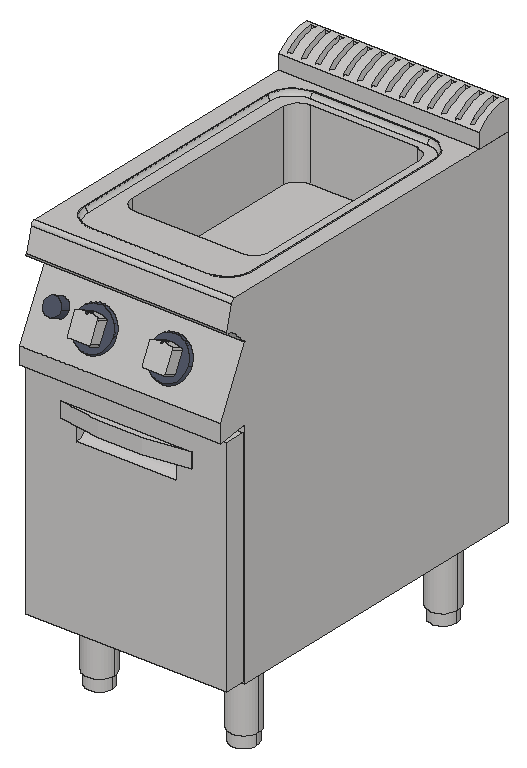
Revit family "QF_ZANUSSI_372350_Z7OOBSBAMC", category Specialty Equipment, Revit 2018
Family settings
  Round Connector Dimension = Use Diameter
  Part Type = Normal
  Work Plane-Based = No
  Always vertical = Yes
  Cut with Voids When Loaded = No
  Shared = No
  Room Calculation Point = No
Parameters (values of type "Standard")
  Weight = 50.00 kg
  Watts = 0 W
  Volts = 0 V
  URL Manufacturer = "http://www.zanussiprofessional.com"
  URL = "http://www.zanussiprofessional.com"
  Steam Supply Size = 0"
  Steam Supply Minimum Pressure = 0.00 psi
  Steam Supply Maximum Pressure = 0.00 psi
  Steam Pounds per Hour = 0
  Show Logo [instance] = yes
  Show Clearance [instance] = yes
  Refrigeration Suction Line Size = 0"
  Refrigeration Liquid Line Size = 0"
  Refrigerant Compressor Remote = yes
  Phase = 0
  Model = "Z7OOBSBAMC"
  Manufacturer = "Zanussi"
  Length Actual = 400 mm  # constant formula
  Item Number = "372350"
  Hot Water Size = 0"
  Height Actual = 850 mm  # constant formula
  HP = "0 HP"
  Gas Size = 1/2"
  Gas KW = 11.5
  Gas Input Pressure = 0.386738 Btu/h
  Direct Waste Size = 1"
  Description = "1-WELL GAS PASTA COOKER 24,5 LT 400MM (AUS)"
  Depth Actual = 700 mm  # constant formula
  Cycle = 0 Hz
  Condensate Return Size = 0"
  Compressed Air Volume = 0 GPM
  Compressed Air Size = 0"
  Compressed Air Pressure = 0.00 psi
  Cold Water Size = 1/2"
  Accessory = yes
Reference planes
  plane 1 "BACK": y = 0
  plane 2: z = 0
  plane 3 "LEFT": x = 0
  plane 4 "RIGHT": x = 400
  plane 5 "FRONT": y = -715
  plane 6 "TOP": z = 908
  plane 7 "Center Y": x = 200
  plane 8 "Center X": y = -357.5
  plane 9 "BASE": z = 600
  plane 10 "TOP A": z = 850
  plane 11: y = -587.387
  plane 12: y = -90
  plane 13: z = 150
Forms (mm)
  Extrusion 1, solid, material "QF_Finishes_Stainless Steel"
    sketch origin (0, 0, 0) x (0, 1, 0) y (0, 0, 1)
      loop
        line (0, 850) -> (-679.358, 850)
        arc (-679.358, 850) -> (-684.643, 847.811) -> (-686.833, 842.526) r 7.474
        line (-686.833, 842.526) -> (-699.884, 797.011)
        arc (-699.884, 797.011) -> (-699.396, 794.379) -> (-697, 793.184) r 3
        line (-697, 793.184) -> (-686.802, 793.184) -> (-654.982, 761.364) -> (-715, 640.508) -> (-715, 605.508) -> (-658.645, 613.428)
        arc (-658.645, 613.428) -> (-656.101, 612.674) -> (-655, 610.259) r 3.2
        line (-655, 610.259) -> (-655, 150) -> (0, 150) -> (0, 850)
      loop
        line (-700, 600) -> (-700, 155) -> (-660, 155) -> (-660, 600) -> (-700, 600)
    from 0 to 400
  Extrusion 2, void
    sketch origin (0, 0, 850) x (-1, 0, 0) y (0, -1, 0)
      loop
        arc (-83.338, 90.124) -> (-47.982, 104.769) -> (-33.338, 140.124) r 50
        line (-33.338, 140.124) -> (-33.338, 595.265)
        arc (-33.338, 595.265) -> (-47.982, 630.62) -> (-83.338, 645.265) r 50
        line (-83.338, 645.265) -> (-316.662, 645.265)
        arc (-316.662, 645.265) -> (-352.018, 630.62) -> (-366.662, 595.265) r 50
        line (-366.662, 595.265) -> (-366.662, 140.124)
        arc (-366.662, 140.124) -> (-352.018, 104.769) -> (-316.662, 90.124) r 50
        line (-316.662, 90.124) -> (-83.338, 90.124)
    from 0 to -152.4
  Extrusion 3, solid, material "QF_Finishes_Clearance", visible <- "Show Clearance", detail levels coarse
    sketch origin (0, 0, 0) x (1, 0, 0) y (0, 1, 0)
      loop
        line (0, -715) -> (0, 0) -> (400, 0) -> (400, -715) -> (550.019, -715) -> (550.019, 150.019) -> (-150.019, 150.019) -> (-150.019, -715) -> (0, -715)
    from 0 to 908
  Revolve 4, solid, material "QF_Finishes_Stainless Steel"
    sketch origin (0, -587.387, 608.09) x (0, 0, 1) y (-1, 0, 0)
      loop
        line (-608.09, -56) -> (-458.09, -56) -> (-458.09, -26) -> (-583.09, -26) -> (-583.09, -29.75) -> (-608.09, -29.75) -> (-608.09, -56)
      axis (-608.09, -56) -> (-458.09, -56)
    angle from 0 to 360
  Revolve 5, solid, material "QF_Finishes_Stainless Steel"
    sketch origin (400.05, -587.387, 608.09) x (0, 0, 1) y (-1, 0, 0)
      loop
        line (-608.09, 56.05) -> (-608.09, 29.8) -> (-583.09, 29.8) -> (-583.09, 26.05) -> (-458.09, 26.05) -> (-458.09, 56.05) -> (-608.09, 56.05)
      axis (-608.09, 56.05) -> (-458.09, 56.05)
    angle from 0 to 360
  Revolve 6, solid, material "QF_Finishes_Stainless Steel"
    sketch origin (0, -90, 608.09) x (0, 0, 1) y (-1, 0, 0)
      loop
        line (-608.09, -56) -> (-458.09, -56) -> (-458.09, -26) -> (-583.09, -26) -> (-583.09, -29.75) -> (-608.09, -29.75) -> (-608.09, -56)
      axis (-608.09, -56) -> (-458.09, -56)
    angle from 0 to 360
  Revolve 7, solid, material "QF_Finishes_Stainless Steel"
    sketch origin (400.05, -90, 608.09) x (0, 0, 1) y (-1, 0, 0)
      loop
        line (-608.09, 56.05) -> (-608.09, 29.8) -> (-583.09, 29.8) -> (-583.09, 26.05) -> (-458.09, 26.05) -> (-458.09, 56.05) -> (-608.09, 56.05)
      axis (-608.09, 56.05) -> (-458.09, 56.05)
    angle from 0 to 360
  Extrusion 8, solid, material "QF_Finishes_Stainless Steel"
    sketch origin (-77.88, -4572, 150) x (-1, 0, 0) y (0, -1, 0)
      loop
        circle (-142.88, -4069) r 6.35
      loop
        circle (-309.855, -3991) r 12.7
    from 0 to -12.7
  Extrusion 9, solid, material "QF_Finishes_Stainless Steel"
    sketch origin (-77.88, -4572, 850) x (-1, 0, 0) y (0, -1, 0)
      loop
        line (-111.217, -4431.876) -> (-111.217, -3976.735)
        arc (-111.217, -3976.735) -> (-125.862, -3941.38) -> (-161.217, -3926.735) r 50
        line (-161.217, -3926.735) -> (-394.542, -3926.735)
        arc (-394.542, -3926.735) -> (-429.897, -3941.38) -> (-444.542, -3976.735) r 50
        line (-444.542, -3976.735) -> (-444.542, -4431.876)
        arc (-444.542, -4431.876) -> (-429.897, -4467.231) -> (-394.542, -4481.876) r 50
        line (-394.542, -4481.876) -> (-161.217, -4481.876)
        arc (-161.217, -4481.876) -> (-125.862, -4467.231) -> (-111.217, -4431.876) r 50
      loop
        arc (-414.542, -4431.876) -> (-405.755, -4453.089) -> (-384.542, -4461.876) r 30
        line (-384.542, -4461.876) -> (-171.217, -4461.876)
        arc (-171.217, -4461.876) -> (-150.004, -4453.089) -> (-141.217, -4431.876) r 30
        line (-141.217, -4431.876) -> (-141.217, -4056.735)
        arc (-141.217, -4056.735) -> (-150.004, -4035.522) -> (-171.217, -4026.735) r 30
        line (-171.217, -4026.735) -> (-384.542, -4026.735)
        arc (-384.542, -4026.735) -> (-405.755, -4035.522) -> (-414.542, -4056.735) r 30
        line (-414.542, -4056.735) -> (-414.542, -4431.876)
    from -12.7 to -152.4
  Sweep 10, solid, material "QF_Finishes_Stainless Steel"
    path origin (0, 0, 850) x (-1, 0, 0) y (0, -1, 0)
      loop
        line (-33.338, 140.124) -> (-33.338, 595.265)
        arc (-33.338, 595.265) -> (-47.982, 630.62) -> (-83.338, 645.265) r 50
        line (-83.338, 645.265) -> (-316.662, 645.265)
        arc (-316.662, 645.265) -> (-352.018, 630.62) -> (-366.662, 595.265) r 50
        line (-366.662, 595.265) -> (-366.662, 140.124)
        arc (-366.662, 140.124) -> (-352.018, 104.769) -> (-316.662, 90.124) r 50
        line (-316.662, 90.124) -> (-83.338, 90.124)
        arc (-83.338, 90.124) -> (-47.982, 104.769) -> (-33.338, 140.124) r 50
    profile origin (33.338, -367.694, 850) x (1, 0, 0) y (0, 0, 1)
      loop
        line (0, 0) -> (0, -10.84) -> (5.055, -10.84)
        arc (5.055, -10.84) -> (1.326, -5.98) -> (0, 0) r 14.151
  Extrusion 11, solid, material "QF_Finishes_Stainless Steel"
    sketch origin (0, 0, 0.762) x (0, 1, 0) y (0, 0, 1)
      loop
        line (0, 849.238) -> (0, 907.238)
        arc (0, 907.238) -> (-38.078, 899.879) -> (-69.85, 877.638) r 93.057
        line (-69.85, 877.638) -> (-69.85, 849.238) -> (0, 849.238)
    from 0 to 400.05
  Extrusion 12, void
    sketch origin (0, 0, 851) x (-1, 0, 0) y (0, -1, 0)
      loop
        line (-13.453, 6.761) -> (-13.453, 63.911) -> (-22.749, 63.911) -> (-22.749, 6.761) -> (-13.453, 6.761)
    from 25.4 to 63.5
  Extrusion 13, void
    sketch origin (400.05, 0, 851) x (1, 0, 0) y (0, 1, 0)
      loop
        line (-13.503, -6.761) -> (-22.799, -6.761) -> (-22.799, -63.911) -> (-13.503, -63.911) -> (-13.503, -6.761)
    from 25.4 to 63.5
  Extrusion 14, void
    sketch origin (27.988, 0, 851) x (-1, 0, 0) y (0, -1, 0)
      loop
        line (-13.453, 6.761) -> (-13.453, 63.911) -> (-22.749, 63.911) -> (-22.749, 6.761) -> (-13.453, 6.761)
    from 25.4 to 63.5
  Extrusion 15, void
    sketch origin (55.977, 0, 851) x (-1, 0, 0) y (0, -1, 0)
      loop
        line (-13.453, 6.761) -> (-13.453, 63.911) -> (-22.749, 63.911) -> (-22.749, 6.761) -> (-13.453, 6.761)
    from 25.4 to 63.5
  Extrusion 16, void
    sketch origin (83.965, 0, 851) x (-1, 0, 0) y (0, -1, 0)
      loop
        line (-13.428, 6.761) -> (-13.428, 63.911) -> (-22.724, 63.911) -> (-22.724, 6.761) -> (-13.428, 6.761)
    from 25.4 to 63.5
  Extrusion 17, void
    sketch origin (111.953, 0, 851) x (-1, 0, 0) y (0, -1, 0)
      loop
        line (-13.428, 6.761) -> (-13.428, 63.911) -> (-22.724, 63.911) -> (-22.724, 6.761) -> (-13.428, 6.761)
    from 25.4 to 63.5
  Extrusion 18, void
    sketch origin (139.942, 0, 851) x (-1, 0, 0) y (0, -1, 0)
      loop
        line (-13.428, 6.761) -> (-13.428, 63.911) -> (-22.724, 63.911) -> (-22.724, 6.761) -> (-13.428, 6.761)
    from 25.4 to 63.5
  Extrusion 19, void
    sketch origin (167.93, 0, 851) x (-1, 0, 0) y (0, -1, 0)
      loop
        line (-13.428, 6.761) -> (-13.428, 63.911) -> (-22.724, 63.911) -> (-22.724, 6.761) -> (-13.428, 6.761)
    from 25.4 to 63.5
  Extrusion 20, void
    sketch origin (195.918, 0, 851) x (-1, 0, 0) y (0, -1, 0)
      loop
        line (-13.428, 6.761) -> (-13.428, 63.911) -> (-22.724, 63.911) -> (-22.724, 6.761) -> (-13.428, 6.761)
    from 25.4 to 63.5
  Extrusion 21, void
    sketch origin (223.907, 0, 851) x (-1, 0, 0) y (0, -1, 0)
      loop
        line (-13.428, 6.761) -> (-13.428, 63.911) -> (-22.724, 63.911) -> (-22.724, 6.761) -> (-13.428, 6.761)
    from 25.4 to 63.5
  Extrusion 22, void
    sketch origin (251.895, 0, 851) x (-1, 0, 0) y (0, -1, 0)
      loop
        line (-13.428, 6.761) -> (-13.428, 63.911) -> (-22.724, 63.911) -> (-22.724, 6.761) -> (-13.428, 6.761)
    from 25.4 to 63.5
  Extrusion 23, void
    sketch origin (279.884, 0, 851) x (-1, 0, 0) y (0, -1, 0)
      loop
        line (-13.403, 6.761) -> (-13.403, 63.911) -> (-22.699, 63.911) -> (-22.699, 6.761) -> (-13.403, 6.761)
    from 25.4 to 63.5
  Extrusion 24, void
    sketch origin (307.872, 0, 851) x (-1, 0, 0) y (0, -1, 0)
      loop
        line (-13.403, 6.761) -> (-13.403, 63.911) -> (-22.699, 63.911) -> (-22.699, 6.761) -> (-13.403, 6.761)
    from 25.4 to 63.5
  Extrusion 25, void
    sketch origin (335.86, 0, 851) x (-1, 0, 0) y (0, -1, 0)
      loop
        line (-13.403, 6.761) -> (-13.403, 63.911) -> (-22.699, 63.911) -> (-22.699, 6.761) -> (-13.403, 6.761)
    from 25.4 to 63.5
  Extrusion 26, solid, material "QF_Finishes_Stainless Steel"
    sketch origin (-77.88, -4572, 150) x (-1, 0, 0) y (0, -1, 0)
      loop
        circle (-412.88, -4071) r 6.35
    from 50 to 48.4
  Extrusion 27, solid, material "QF_Plastic-Black-Matte"
    sketch origin (67.5, -684.991, 700.936) x (0, 0.444781, 0.895639) y (0, 0.895639, -0.444781)
      loop
        line (26.984, -34) -> (23.984, -34) -> (23.984, -35) -> (26.984, -35)
        arc (26.984, -35) -> (27.691, -34.707) -> (27.984, -34) r 1
        line (27.984, -34) -> (27.984, -19) -> (26.984, -19) -> (26.984, -34)
    from -58.5 to -56.5
  Extrusion 28, solid, material "QF_Finishes_Stainless Steel"
    sketch origin (125, -684.991, 700.936) x (-1, 0, 0) y (0, -0.444781, -0.895639)
      loop
        line (17.5, -17.5) -> (17.5, 17.5) -> (-17.5, 17.5) -> (-17.5, -17.5) -> (17.5, -17.5)
    from 5 to 10
  Extrusion 29, solid, material "QF_Finishes_Stainless Steel"
    sketch origin (125, -684.991, 700.936) x (-1, 0, 0) y (0, -0.444781, -0.895639)
      loop
        arc (-21.147, -22.789) -> (0, -26.984) -> (21.147, -22.789) r 55.4
        arc (21.147, -22.789) -> (22.494, -21.685) -> (23, -20.019) r 2.997
        line (23, -20.019) -> (23, 20.019)
        arc (23, 20.019) -> (22.122, 22.138) -> (20.003, 23.016) r 2.997
        line (20.003, 23.016) -> (-20.003, 23.016)
        arc (-20.003, 23.016) -> (-22.122, 22.138) -> (-23, 20.019) r 2.997
        line (-23, 20.019) -> (-23, -20.019)
        arc (-23, -20.019) -> (-22.494, -21.685) -> (-21.147, -22.789) r 2.997
    from 10 to 34
  Blend 30, solid, material "QF_Finishes_Navy Blue"
    base sketch origin (125, -684.991, 700.936) x (1, 0, 0) y (0, 0.444781, 0.895639)
      loop
        circle (0, 0) r 42.5
    top sketch origin (125, -684.991, 700.936) x (1, 0, 0) y (0, 0.444781, 0.895639)
      loop
        circle (0, 0) r 40.5
    from 0 to 5
  Extrusion 31, solid, material "QF_Finishes_Navy Blue"
    sketch origin (107.51, -679.639, 711.713) x (1, 0, 0) y (0, 0.444781, 0.895639)
      loop
        circle (-55.001, 0) r 18
    from 3 to 23
  Extrusion 32, solid, material "QF_Finishes_Stainless Steel"
    sketch origin (-31.491, -679.639, 711.713) x (1, 0, 0) y (0, 0.444781, 0.895639)
      loop
        circle (84, 0) r 15
    from 3 to 0
  Extrusion 33, solid, material "QF_Plastic-Black-Matte"
    sketch origin (217.5, -684.991, 700.936) x (0, 0.444781, 0.895639) y (0, 0.895639, -0.444781)
      loop
        line (26.984, -34) -> (23.984, -34) -> (23.984, -35) -> (26.984, -35)
        arc (26.984, -35) -> (27.691, -34.707) -> (27.984, -34) r 1
        line (27.984, -34) -> (27.984, -19) -> (26.984, -19) -> (26.984, -34)
    from -58.5 to -56.5
  Extrusion 34, solid, material "QF_Finishes_Stainless Steel"
    sketch origin (275, -684.991, 700.936) x (-1, 0, 0) y (0, -0.444781, -0.895639)
      loop
        line (17.5, -17.5) -> (17.5, 17.5) -> (-17.5, 17.5) -> (-17.5, -17.5) -> (17.5, -17.5)
    from 5 to 10
  Extrusion 35, solid, material "QF_Finishes_Stainless Steel"
    sketch origin (275, -684.991, 700.936) x (-1, 0, 0) y (0, -0.444781, -0.895639)
      loop
        arc (-21.147, -22.789) -> (0, -26.984) -> (21.147, -22.789) r 55.4
        arc (21.147, -22.789) -> (22.494, -21.685) -> (23, -20.019) r 2.997
        line (23, -20.019) -> (23, 20.019)
        arc (23, 20.019) -> (22.122, 22.138) -> (20.003, 23.016) r 2.997
        line (20.003, 23.016) -> (-20.003, 23.016)
        arc (-20.003, 23.016) -> (-22.122, 22.138) -> (-23, 20.019) r 2.997
        line (-23, 20.019) -> (-23, -20.019)
        arc (-23, -20.019) -> (-22.494, -21.685) -> (-21.147, -22.789) r 2.997
    from 10 to 34
  Blend 36, solid, material "QF_Finishes_Navy Blue"
    base sketch origin (275, -684.991, 700.936) x (1, 0, 0) y (0, 0.444781, 0.895639)
      loop
        circle (0, 0) r 42.5
    top sketch origin (275, -684.991, 700.936) x (1, 0, 0) y (0, 0.444781, 0.895639)
      loop
        circle (0, 0) r 40.5
    from 0 to 5
  Extrusion 37, solid, material "QF_Finishes_Door Clearance", visible <- "Show Clearance", detail levels coarse
    sketch origin (0, 0, 850) x (-1, 0, 0) y (0, -1, 0)
      loop
        arc (0, 672.137) -> (-117.157, 954.98) -> (-400, 1072.137) r 400
        line (-400, 1072.137) -> (-400, 672.137) -> (0, 672.137)
    from -695 to -250
  Extrusion 38, solid, material "QF_Finishes_Stainless Steel"
    sketch origin (-77.88, -4572, 130) x (-1, 0, 0) y (0, -1, 0)
      loop
        arc (-147.606, -3871.085) -> (-277.88, -3857) -> (-408.153, -3871.085) r 609.497
        line (-408.153, -3871.085) -> (-408.153, -3872) -> (-147.606, -3872) -> (-147.606, -3871.085)
    from 400 to 430
  Extrusion 39, void
    sketch origin (200, -27.863, -20) x (0, 1, 0) y (0, 0, 1)
      loop
        line (-672.137, 567) -> (-672.137, 517)
        arc (-672.137, 517) -> (-656.47, 524.721) -> (-650.137, 541) r 24.091
        line (-650.137, 541) -> (-650.137, 567) -> (-672.137, 567)
    from -100 to 100
Cuts and joins
  Extrusion 2, Extrusion 39 cuts Extrusion 1
  Extrusion 12, Extrusion 13, Extrusion 14, Extrusion 15, Extrusion 16, Extrusion 17, Extrusion 18, Extrusion 19, Extrusion 20, Extrusion 21, Extrusion 22, Extrusion 23, Extrusion 24, Extrusion 25 cuts Extrusion 3
  Extrusion 12, Extrusion 13, Extrusion 14, Extrusion 15, Extrusion 16, Extrusion 17, Extrusion 18, Extrusion 19, Extrusion 20, Extrusion 21, Extrusion 22, Extrusion 23, Extrusion 24, Extrusion 25 cuts Extrusion 11
Lines and regions (mm)
  Split face 1
    outline origin (125, -689.469, 703.16) x (1, 0, 0) y (0, 0.444781, 0.895639)
      loop
        circle (0, 34.714) r 1.714
  Split face 2
    outline origin (125, -689.469, 703.16) x (1, 0, 0) y (0, 0.444781, 0.895639)
      loop
        circle (-17.357, 30.063) r 2
  Split face 3
    outline origin (125, -689.469, 703.16) x (1, 0, 0) y (0, 0.444781, 0.895639)
      loop
        circle (17.357, 30.063) r 2
  Split face 4
    outline origin (125, -689.469, 703.16) x (1, 0, 0) y (0, 0.444781, 0.895639)
      loop
        line (-23.985, -28.584) -> (-20.542, -24.481)
        arc (-20.542, -24.481) -> (-27.511, -15.911) -> (-31.231, -5.511) r 32.719
        line (-31.231, -5.511) -> (-37.141, -6.549)
        arc (-37.141, -6.549) -> (-32.568, -18.764) -> (-23.985, -28.584) r 36.411
  Split face 5
    outline origin (125, -689.469, 703.16) x (1, 0, 0) y (0, 0.444781, 0.895639)
      loop
        arc (20.441, -26.163) -> (0.211, -32.559) -> (-19.689, -25.201) r 32.719
        line (-19.689, -25.201) -> (-22.952, -29.377)
        arc (-22.952, -29.377) -> (-0.277, -36.495) -> (21.959, -28.107) r 36.411
        line (21.959, -28.107) -> (20.441, -26.163)
  Split face 6
    outline origin (125, -689.469, 703.16) x (1, 0, 0) y (0, 0.444781, 0.895639)
      loop
        line (21.361, -25.457) -> (22.903, -27.295)
        arc (22.903, -27.295) -> (31.935, -14.958) -> (35.104, 0) r 36.411
        line (35.104, 0) -> (33.714, 0)
        arc (33.714, 0) -> (30.431, -14.133) -> (21.361, -25.457) r 32.719
  Split face 7
    outline origin (125, -689.469, 703.16) x (1, 0, 0) y (0, 0.444781, 0.895639)
      loop
        arc (-37.695, 1.149) -> (-34.899, -3.19) -> (-31.619, 0.795) r 3.195
        line (-31.619, 0.795) -> (-32.379, 3.751)
        arc (-32.379, 3.751) -> (-34.462, 5.448) -> (-36.693, 3.952) r 2.258
        line (-36.693, 3.952) -> (-37.695, 1.149)
  Split face 8
    outline origin (275, -689.469, 703.16) x (1, 0, 0) y (0, 0.444781, 0.895639)
      loop
        arc (-0.521, 36.501) -> (-26.491, 26.394) -> (-37.708, 0.884) r 36.411
        line (-37.708, 0.884) -> (-31.708, 0.884)
        arc (-31.708, 0.884) -> (-21.998, 23.844) -> (-0.521, 36.501) r 39.733
  symbolic lines, style "QF-Clearances", visible <- "Show Clearance", detail levels coarse
    curve 1: line (-150.019, 150.019, 850) -> (-150.019, -716.377, 850)
    curve 2: line (550.019, 150.019, 850) -> (-150.019, 150.019, 850)
    curve 3: line (550.019, -716.377, 850) -> (550.019, 150.019, 850)
  symbolic lines
    curve 4: line (0, 0, 850) -> (400, 0, 850)
    curve 5: line (0, -715, 850) -> (0, 0, 850)
    curve 6: line (400, 0, 850) -> (400, -715, 850)
    curve 7: line (0, -69.85, 850) -> (0, -63.012, 850)
    curve 10: line (93.313, -110.124, 850) -> (306.663, -110.124, 850)
    curve 11: arc (306.663, -110.124, 850) -> (327.876, -118.911, 850) -> (336.663, -140.124, 850) r 30
    curve 12: line (336.663, -140.124, 850) -> (336.663, -515.265, 850)
    curve 13: arc (336.663, -515.265, 850) -> (327.876, -536.478, 850) -> (306.663, -545.265, 850) r 30
    curve 14: arc (93.338, -545.265, 850) -> (72.124, -536.478, 850) -> (63.338, -515.265, 850) r 30
    curve 15: line (63.338, -515.265, 850) -> (63.338, -140.099, 850)
    curve 16: arc (63.338, -140.099, 850) -> (72.117, -118.904, 850) -> (93.313, -110.124, 850) r 29.975
    curve 17: arc (83.313, -95.179, 850) -> (51.549, -108.336, 850) -> (38.392, -140.099, 850) r 44.92
    curve 18: line (38.392, -140.099, 850) -> (38.392, -595.265, 850)
    curve 19: arc (38.392, -595.265, 850) -> (51.556, -627.046, 850) -> (83.338, -640.21, 850) r 44.945
    curve 20: arc (316.663, -640.21, 850) -> (348.444, -627.046, 850) -> (361.608, -595.265, 850) r 44.945
    curve 21: line (361.608, -595.265, 850) -> (361.608, -140.124, 850)
    curve 22: arc (361.608, -140.124, 850) -> (348.444, -108.343, 850) -> (316.663, -95.179, 850) r 44.945
    curve 23: arc (83.313, -90.124, 850) -> (47.975, -104.761, 850) -> (33.338, -140.099, 850) r 49.975
    curve 24: line (33.338, -140.099, 850) -> (33.338, -595.265, 850)
    curve 25: arc (33.338, -595.265, 850) -> (47.982, -630.62, 850) -> (83.338, -645.265, 850) r 50
    curve 26: arc (316.663, -645.265, 850) -> (352.018, -630.62, 850) -> (366.663, -595.265, 850) r 50
    curve 27: line (366.663, -595.265, 850) -> (366.663, -140.124, 850)
    curve 28: arc (366.663, -140.124, 850) -> (352.018, -104.769, 850) -> (316.663, -90.124, 850) r 50
    curve 29: line (316.663, -90.124, 850) -> (79.418, -90.124, 850)
    curve 30: line (83.338, -645.265, 850) -> (316.663, -645.265, 850)
    curve 31: line (83.338, -640.21, 850) -> (316.663, -640.21, 850)
    curve 32: line (306.663, -545.265, 850) -> (93.338, -545.265, 850)
    curve 33: line (316.663, -95.179, 850) -> (83.313, -95.179, 850)
    curve 34: line (0, -69.85, 850) -> (400, -69.85, 850)
    curve 35: line (22.724, -6.761, 850) -> (22.724, -63.911, 850)
    curve 36: line (22.724, -63.911, 850) -> (13.428, -63.911, 850)
    curve 37: line (13.428, -63.911, 850) -> (13.428, -6.761, 850)
    curve 38: line (13.428, -6.761, 850) -> (22.724, -6.761, 850)
    curve 39: line (386.547, -6.761, 850) -> (386.547, -63.911, 850)
    curve 40: line (386.547, -63.911, 850) -> (377.251, -63.911, 850)
    curve 41: line (377.251, -63.911, 850) -> (377.251, -6.761, 850)
    curve 42: line (377.251, -6.761, 850) -> (386.547, -6.761, 850)
    curve 43: line (50.712, -6.761, 850) -> (50.712, -63.911, 850)
    curve 44: line (50.712, -63.911, 850) -> (41.416, -63.911, 850)
    curve 45: line (41.416, -63.911, 850) -> (41.416, -6.761, 850)
    curve 46: line (41.416, -6.761, 850) -> (50.712, -6.761, 850)
    curve 47: line (78.7, -6.761, 850) -> (78.7, -63.911, 850)
    curve 48: line (78.7, -63.911, 850) -> (69.405, -63.911, 850)
    curve 49: line (69.405, -63.911, 850) -> (69.405, -6.761, 850)
    curve 50: line (69.405, -6.761, 850) -> (78.7, -6.761, 850)
    curve 51: line (106.689, -6.761, 850) -> (106.689, -63.911, 850)
    curve 52: line (106.689, -63.911, 850) -> (97.393, -63.911, 850)
    curve 53: line (97.393, -63.911, 850) -> (97.393, -6.761, 850)
    curve 54: line (97.393, -6.761, 850) -> (106.689, -6.761, 850)
    curve 55: line (134.677, -6.761, 850) -> (134.677, -63.911, 850)
    curve 56: line (134.677, -63.911, 850) -> (125.381, -63.911, 850)
    curve 57: line (125.381, -63.911, 850) -> (125.381, -6.761, 850)
    curve 58: line (125.381, -6.761, 850) -> (134.677, -6.761, 850)
    curve 59: line (162.665, -6.761, 850) -> (162.665, -63.911, 850)
    curve 60: line (162.665, -63.911, 850) -> (153.37, -63.911, 850)
    curve 61: line (153.37, -63.911, 850) -> (153.37, -6.761, 850)
    curve 62: line (153.37, -6.761, 850) -> (162.665, -6.761, 850)
    curve 63: line (190.654, -6.761, 850) -> (190.654, -63.911, 850)
    curve 64: line (190.654, -63.911, 850) -> (181.358, -63.911, 850)
    curve 65: line (181.358, -63.911, 850) -> (181.358, -6.761, 850)
    curve 66: line (181.358, -6.761, 850) -> (190.654, -6.761, 850)
    curve 67: line (218.642, -6.761, 850) -> (218.642, -63.911, 850)
    curve 68: line (218.642, -63.911, 850) -> (209.346, -63.911, 850)
    curve 69: line (209.346, -63.911, 850) -> (209.346, -6.761, 850)
    curve 70: line (209.346, -6.761, 850) -> (218.642, -6.761, 850)
    curve 71: line (246.605, -6.761, 850) -> (246.605, -63.911, 850)
    curve 72: line (246.605, -63.911, 850) -> (237.31, -63.911, 850)
    curve 73: line (237.31, -63.911, 850) -> (237.31, -6.761, 850)
    curve 74: line (237.31, -6.761, 850) -> (246.605, -6.761, 850)
    curve 75: line (274.594, -6.761, 850) -> (274.594, -63.911, 850)
    curve 76: line (274.594, -63.911, 850) -> (265.298, -63.911, 850)
    curve 77: line (265.298, -63.911, 850) -> (265.298, -6.761, 850)
    curve 78: line (265.298, -6.761, 850) -> (274.594, -6.761, 850)
    curve 79: line (302.582, -6.761, 850) -> (302.582, -63.911, 850)
    curve 80: line (302.582, -63.911, 850) -> (293.286, -63.911, 850)
    curve 81: line (293.286, -63.911, 850) -> (293.286, -6.761, 850)
    curve 82: line (293.286, -6.761, 850) -> (302.582, -6.761, 850)
    curve 83: line (330.57, -6.761, 850) -> (330.57, -63.911, 850)
    curve 84: line (330.57, -63.911, 850) -> (321.275, -63.911, 850)
    curve 85: line (321.275, -63.911, 850) -> (321.275, -6.761, 850)
    curve 86: line (321.275, -6.761, 850) -> (330.57, -6.761, 850)
    curve 87: line (358.559, -6.761, 850) -> (358.559, -63.911, 850)
    curve 88: line (358.559, -63.911, 850) -> (349.263, -63.911, 850)
    curve 89: line (349.263, -63.911, 850) -> (349.263, -6.761, 850)
    curve 90: line (349.263, -6.761, 850) -> (358.559, -6.761, 850)
    curve 91: line (0, -700, 0) -> (400.05, -700, 0)
    curve 92: line (102, -700, 0) -> (102, -724.347, 0)
    curve 93: arc (102, -724.347, 0) -> (102.146, -724.811, 0) -> (102.532, -725.107, 0) r 0.809
    curve 94: arc (102.532, -725.107, 0) -> (103.72, -725.587, 0) -> (104.997, -725.68, 0) r 4.127
    curve 95: arc (102, -704.292, 0) -> (96.959, -702.458, 0) -> (92.191, -700, 0) r 42.24
    curve 96: arc (102, -706.539, 0) -> (102.502, -705.818, 0) -> (103.299, -705.448, 0) r 1.682
    curve 97: arc (103.299, -705.448, 0) -> (113.602, -703.95, 0) -> (124, -703.441, 0) r 109.079
    curve 98: line (124, -700, 0) -> (124, -705.671, 0)
    curve 99: line (124, -705.671, 0) -> (126, -705.671, 0)
    curve 100: line (126, -705.671, 0) -> (126, -700, 0)
    curve 101: line (148, -700, 0) -> (148, -724.347, 0)
    curve 102: arc (148, -724.347, 0) -> (147.854, -724.811, 0) -> (147.468, -725.107, 0) r 0.809
    curve 103: arc (147.468, -725.107, 0) -> (146.28, -725.587, 0) -> (145.003, -725.68, 0) r 4.127
    curve 104: arc (148, -704.292, 0) -> (153.041, -702.458, 0) -> (157.809, -700, 0) r 42.24
    curve 105: arc (148, -706.539, 0) -> (147.498, -705.818, 0) -> (146.701, -705.448, 0) r 1.682
    curve 106: arc (146.701, -705.448, 0) -> (136.398, -703.95, 0) -> (126, -703.441, 0) r 109.079
    curve 107: line (104.997, -725.68, 0) -> (145.003, -725.68, 0)
    curve 108: line (298, -700, 0) -> (298, -724.347, 0)
    curve 109: arc (298, -724.347, 0) -> (297.854, -724.811, 0) -> (297.468, -725.107, 0) r 0.809
    curve 110: arc (297.468, -725.107, 0) -> (296.28, -725.587, 0) -> (295.003, -725.68, 0) r 4.127
    curve 111: arc (298, -704.292, 0) -> (303.041, -702.458, 0) -> (307.809, -700, 0) r 42.24
    curve 112: arc (298, -706.539, 0) -> (297.498, -705.818, 0) -> (296.701, -705.448, 0) r 1.682
    curve 113: arc (296.701, -705.448, 0) -> (286.398, -703.95, 0) -> (276, -703.441, 0) r 109.079
    curve 114: line (276, -700, 0) -> (276, -705.671, 0)
    curve 115: line (276, -705.671, 0) -> (274, -705.671, 0)
    curve 116: line (274, -705.671, 0) -> (274, -700, 0)
    curve 117: line (252, -700, 0) -> (252, -724.347, 0)
    curve 118: arc (252, -724.347, 0) -> (252.146, -724.811, 0) -> (252.532, -725.107, 0) r 0.809
    curve 119: arc (252.532, -725.107, 0) -> (253.72, -725.587, 0) -> (254.997, -725.68, 0) r 4.127
    curve 120: arc (252, -704.292, 0) -> (246.959, -702.458, 0) -> (242.191, -700, 0) r 42.24
    curve 121: arc (252, -706.539, 0) -> (252.502, -705.818, 0) -> (253.299, -705.448, 0) r 1.682
    curve 122: arc (253.299, -705.448, 0) -> (263.602, -703.95, 0) -> (274, -703.441, 0) r 109.079
    curve 123: line (295.003, -725.68, 0) -> (254.997, -725.68, 0)
    curve 124: line (148, -715, 0) -> (252, -715, 0)
    curve 125: line (298, -715, 0) -> (400.05, -715, 0)
    curve 126: line (0, -715, 0) -> (102, -715, 0)
    curve 127: spline (34.509, -700.239, 850) -> (35.123, -702.311, 850) -> (36.921, -704.242, 850) -> (39.781, -705.9, 850) -> (43.509, -707.172, 850) -> (47.851, -707.972, 850) -> (52.509, -708.245, 850) -> (57.168, -707.972, 850) -> (61.509, -707.172, 850) -> (65.237, -705.9, 850) -> (68.098, -704.242, 850) -> (69.896, -702.311, 850) -> (70.509, -700.239, 850)
  symbolic lines, style "QF-Door Swings"
    curve 8: arc (2.303, -715, 850) -> (19.743, -796.254, 850) -> (53.597, -872.15, 850) r 400
    curve 9: line (53.597, -872.15, 850) -> (325.76, -715, 850)
Dimensions and locks
  equal spacing: plane 3 "LEFT", plane 7 "Center Y", plane 4 "RIGHT"
  plane 3 "LEFT" to plane 4 "RIGHT" = 400 mm
  equal spacing: plane 5 "FRONT", plane 8 "Center X", plane 1 "BACK"
  plane 5 "FRONT" to plane 1 "BACK" = 715 mm
  plane 1 "BACK" to plane 5 "FRONT" = 715 mm
  plane 10 "TOP A" to plane 9 "BASE" = 250 mm
  plane 13 to level = 150 mm
  plane 10 "TOP A" to plane 13 = 700 mm
  Extrusion 8 sketch curve to plane 1 "BACK" = 503 mm
  plane 3 "LEFT" to Extrusion 8 sketch curve = 65 mm
  Extrusion 8 sketch curve to plane 1 "BACK" = 581 mm
  Extrusion 26 sketch curve to plane 1 "BACK" = 501 mm
  plane 9 "BASE" to plane 13 = 450 mm
  plane 6 "TOP" to plane 10 "TOP A" = 58 mm
  aligned and locked: level to plane 2
  aligned and locked: plane 4 "RIGHT" to Extrusion 1
  aligned and locked: plane 6 "TOP" to Extrusion 3
Automatic sketch dimensions
  plane 11 to Extrusion 2 sketch curve = 7.877 mm
  Extrusion 2 sketch curve to plane 4 "RIGHT" = 33.337 mm
  plane 11 to Extrusion 2 sketch curve = 57.877 mm
  plane 12 to Extrusion 2 sketch curve = 0.124 mm
  Extrusion 2 sketch curve to Extrusion 2 sketch curve = 50 mm
  plane 3 "LEFT" to Extrusion 2 sketch curve = 83.338 mm  (x2)
  plane 3 "LEFT" to Extrusion 2 sketch curve = 33.338 mm
  plane 1 "BACK" to Extrusion 3 sketch curve = 0 mm
  Extrusion 3 sketch curve to plane 3 "LEFT" = 0 mm
  Extrusion 3 sketch curve to plane 4 "RIGHT" = 0 mm
  Extrusion 3 sketch curve to plane 3 "LEFT" = 150.019 mm
  plane 5 "FRONT" to Extrusion 3 sketch curve = 0 mm  (x2)
  plane 4 "RIGHT" to Extrusion 3 sketch curve = 150.019 mm
  Extrusion 3 sketch curve to plane 1 "BACK" = 150.019 mm
  Revolve 4 sketch curve to level = 0 mm
  Revolve 4 sketch curve to plane 13 = 0 mm  (x2)
  level to Revolve 4 sketch curve = 25 mm
  Revolve 4 sketch curve to Revolve 4 sketch curve = 20 mm
  plane 3 "LEFT" to Revolve 4 sketch curve = 56 mm
  Revolve 4 sketch curve to Revolve 4 sketch curve = 0 mm
  plane 3 "LEFT" to Revolve 4 sketch curve = 29.75 mm
  plane 3 "LEFT" to Revolve 4 sketch curve = 26 mm
  Revolve 5 sketch curve to level = 0 mm
  Revolve 5 sketch curve to plane 13 = 0 mm  (x2)
  level to Revolve 5 sketch curve = 25 mm
  Revolve 5 sketch curve to Revolve 5 sketch curve = 20 mm
  Revolve 5 sketch curve to plane 4 "RIGHT" = 26 mm
  Revolve 5 sketch curve to Revolve 5 sketch curve = 3.75 mm
  Revolve 5 sketch curve to Revolve 5 sketch curve = 30 mm
  Revolve 5 sketch curve to Revolve 5 sketch curve = 0 mm
  Revolve 6 sketch curve to level = 0 mm
  Revolve 6 sketch curve to plane 13 = 0 mm  (x2)
  level to Revolve 6 sketch curve = 25 mm
  Revolve 6 sketch curve to Revolve 6 sketch curve = 20 mm
  plane 3 "LEFT" to Revolve 6 sketch curve = 56 mm
  Revolve 6 sketch curve to Revolve 6 sketch curve = 0 mm
  plane 3 "LEFT" to Revolve 6 sketch curve = 29.75 mm
  plane 3 "LEFT" to Revolve 6 sketch curve = 26 mm
  Revolve 7 sketch curve to level = 0 mm
  Revolve 7 sketch curve to plane 13 = 0 mm  (x2)
  level to Revolve 7 sketch curve = 25 mm
  Revolve 7 sketch curve to Revolve 7 sketch curve = 20 mm
  Revolve 7 sketch curve to plane 4 "RIGHT" = 26 mm
  Revolve 7 sketch curve to Revolve 7 sketch curve = 3.75 mm
  Revolve 7 sketch curve to Revolve 7 sketch curve = 30 mm
  Revolve 7 sketch curve to Revolve 7 sketch curve = 0 mm
  Extrusion 9 sketch curve to plane 4 "RIGHT" = 33.337 mm
  Extrusion 9 sketch curve to plane 4 "RIGHT" = 63.337 mm
  Extrusion 9 sketch curve to Extrusion 9 sketch curve = 20 mm
  plane 11 to Extrusion 9 sketch curve = 7.877 mm
  Extrusion 9 sketch curve to Extrusion 9 sketch curve = 50 mm
  Extrusion 9 sketch curve to Extrusion 9 sketch curve = 30 mm  (x3)
  Extrusion 9 sketch curve to Extrusion 9 sketch curve = 10 mm  (x2)
  Extrusion 9 sketch curve to plane 11 = 42.123 mm
  plane 3 "LEFT" to Extrusion 9 sketch curve = 93.338 mm  (x2)
  plane 12 to Extrusion 9 sketch curve = 50.124 mm
  plane 3 "LEFT" to Extrusion 9 sketch curve = 83.338 mm
  plane 12 to Extrusion 9 sketch curve = 0.124 mm
  plane 11 to Sweep 10 sketch curve = 7.877 mm  (x2)
  Sweep 10 sketch curve to plane 4 "RIGHT" = 33.337 mm
  plane 11 to Sweep 10 sketch curve = 57.877 mm
  plane 12 to Sweep 10 sketch curve = 0.124 mm
  Sweep 10 sketch curve to Sweep 10 sketch curve = 50 mm  (x2)
  plane 3 "LEFT" to Sweep 10 sketch curve = 83.338 mm
  profile plane to Sweep 10 sketch curve = 0 mm
  Sweep 10 sketch curve to plane 10 "TOP A" = 0 mm
  Sweep 10 sketch curve to profile plane = 5.055 mm
  Sweep 10 sketch curve to profile plane = 14.151 mm
  Extrusion 11 sketch curve to plane 10 "TOP A" = 0 mm
  Extrusion 11 sketch curve to plane 1 "BACK" = 0 mm
  plane 1 "BACK" to Extrusion 11 sketch curve = 1.769 mm
  Extrusion 11 sketch curve to plane 12 = 20.15 mm
  Extrusion 11 sketch curve to plane 10 "TOP A" = 35.04 mm
  plane 10 "TOP A" to Extrusion 11 sketch curve = 28.4 mm
  plane 1 "BACK" to Extrusion 12 sketch curve = 6.761 mm
  plane 3 "LEFT" to Extrusion 12 sketch curve = 22.749 mm
  Extrusion 12 sketch curve to Extrusion 12 sketch curve = 9.296 mm
  Extrusion 12 sketch curve to plane 12 = 26.089 mm
  Extrusion 13 sketch curve to plane 1 "BACK" = 6.761 mm
  plane 4 "RIGHT" to Extrusion 13 sketch curve = 22.749 mm
  Extrusion 13 sketch curve to Extrusion 13 sketch curve = 9.296 mm
  plane 12 to Extrusion 13 sketch curve = 26.089 mm
  plane 1 "BACK" to Extrusion 14 sketch curve = 6.761 mm
  plane 3 "LEFT" to Extrusion 14 sketch curve = 50.737 mm
  Extrusion 14 sketch curve to Extrusion 14 sketch curve = 9.296 mm
  Extrusion 14 sketch curve to plane 12 = 26.089 mm
  plane 1 "BACK" to Extrusion 15 sketch curve = 6.761 mm
  plane 3 "LEFT" to Extrusion 15 sketch curve = 78.725 mm
  Extrusion 15 sketch curve to Extrusion 15 sketch curve = 9.296 mm
  Extrusion 15 sketch curve to plane 12 = 26.089 mm
  plane 1 "BACK" to Extrusion 16 sketch curve = 6.761 mm
  Extrusion 16 sketch curve to plane 7 "Center Y" = 93.311 mm
  Extrusion 16 sketch curve to Extrusion 16 sketch curve = 9.296 mm
  Extrusion 16 sketch curve to plane 12 = 26.089 mm
  plane 1 "BACK" to Extrusion 17 sketch curve = 6.761 mm
  Extrusion 17 sketch curve to plane 7 "Center Y" = 65.323 mm
  Extrusion 17 sketch curve to Extrusion 17 sketch curve = 9.296 mm
  Extrusion 17 sketch curve to plane 12 = 26.089 mm
  plane 1 "BACK" to Extrusion 18 sketch curve = 6.761 mm
  Extrusion 18 sketch curve to plane 7 "Center Y" = 37.335 mm
  Extrusion 18 sketch curve to Extrusion 18 sketch curve = 9.296 mm
  Extrusion 18 sketch curve to plane 12 = 26.089 mm
  Extrusion 19 sketch curve to plane 7 "Center Y" = 9.346 mm
  Extrusion 19 sketch curve to Extrusion 19 sketch curve = 9.296 mm
  plane 1 "BACK" to Extrusion 19 sketch curve = 6.761 mm
  Extrusion 19 sketch curve to plane 12 = 26.089 mm
  plane 1 "BACK" to Extrusion 20 sketch curve = 6.761 mm
  plane 7 "Center Y" to Extrusion 20 sketch curve = 18.642 mm
  Extrusion 20 sketch curve to Extrusion 20 sketch curve = 9.296 mm
  Extrusion 20 sketch curve to plane 12 = 26.089 mm
  plane 1 "BACK" to Extrusion 21 sketch curve = 6.761 mm
  plane 7 "Center Y" to Extrusion 21 sketch curve = 46.63 mm
  Extrusion 21 sketch curve to Extrusion 21 sketch curve = 9.296 mm
  Extrusion 21 sketch curve to plane 12 = 26.089 mm
  plane 1 "BACK" to Extrusion 22 sketch curve = 6.761 mm
  plane 7 "Center Y" to Extrusion 22 sketch curve = 74.619 mm
  Extrusion 22 sketch curve to Extrusion 22 sketch curve = 9.296 mm
  Extrusion 22 sketch curve to plane 12 = 26.089 mm
  plane 1 "BACK" to Extrusion 23 sketch curve = 6.761 mm
  Extrusion 23 sketch curve to plane 4 "RIGHT" = 97.418 mm
  Extrusion 23 sketch curve to Extrusion 23 sketch curve = 9.296 mm
  Extrusion 23 sketch curve to plane 12 = 26.089 mm
  plane 1 "BACK" to Extrusion 24 sketch curve = 6.761 mm
  Extrusion 24 sketch curve to plane 4 "RIGHT" = 69.43 mm
  Extrusion 24 sketch curve to Extrusion 24 sketch curve = 9.296 mm
  Extrusion 24 sketch curve to plane 12 = 26.089 mm
  plane 1 "BACK" to Extrusion 25 sketch curve = 6.761 mm
  Extrusion 25 sketch curve to plane 4 "RIGHT" = 41.441 mm
  Extrusion 25 sketch curve to Extrusion 25 sketch curve = 9.296 mm
  Extrusion 25 sketch curve to plane 12 = 26.089 mm
  plane 7 "Center Y" to Extrusion 8 sketch curve = 31.975 mm
  Extrusion 26 sketch curve to plane 4 "RIGHT" = 58.65 mm
  Extrusion 26 sketch curve to Extrusion 26 sketch curve = 6.35 mm
  plane 11 to Extrusion 1 sketch curve = 127.612 mm
  plane 11 to Extrusion 1 sketch curve = 112.613 mm
  Extrusion 1 sketch curve to plane 6 "TOP" = 110.989 mm
  plane 11 to Extrusion 1 sketch curve = 112.496 mm
  Extrusion 1 sketch curve to Extrusion 1 sketch curve = 2.884 mm
  Extrusion 1 sketch curve to Extrusion 1 sketch curve = 13.051 mm
  Extrusion 1 sketch curve to plane 6 "TOP" = 114.816 mm
  Extrusion 1 sketch curve to Extrusion 1 sketch curve = 10.198 mm
  Extrusion 1 sketch curve to Extrusion 1 sketch curve = 7.474 mm
  Extrusion 1 sketch curve to Extrusion 1 sketch curve = 40 mm
  Extrusion 1 sketch curve to Extrusion 1 sketch curve = 1.355 mm
  Extrusion 1 sketch curve to Extrusion 1 sketch curve = 0.445 mm
  Extrusion 1 sketch curve to Extrusion 1 sketch curve = 5 mm  (x2)
  Extrusion 1 sketch curve to plane 6 "TOP" = 146.636 mm
  Extrusion 1 sketch curve to Extrusion 1 sketch curve = 31.82 mm
  Extrusion 1 sketch curve to plane 1 "BACK" = 0 mm
  Extrusion 1 sketch curve to plane 10 "TOP A" = 209.492 mm
  Extrusion 1 sketch curve to Extrusion 1 sketch curve = 27.08 mm
  Extrusion 1 sketch curve to Extrusion 1 sketch curve = 35 mm
  Extrusion 1 sketch curve to Extrusion 1 sketch curve = 10.259 mm
  plane 13 to Extrusion 1 sketch curve = 5 mm
  Extrusion 1 sketch curve to Extrusion 1 sketch curve = 46.342 mm
  Extrusion 27 sketch curve to plane 5 "FRONT" = 9.329 mm
  Extrusion 27 sketch curve to plane 10 "TOP A" = 112.016 mm
  Extrusion 27 sketch curve to Extrusion 27 sketch curve = 3 mm
  Extrusion 27 sketch curve to Extrusion 27 sketch curve = 0 mm
  Extrusion 27 sketch curve to Extrusion 27 sketch curve = 1 mm  (x2)
  Extrusion 27 sketch curve to Extrusion 27 sketch curve = 15 mm
  plane 3 "LEFT" to Extrusion 28 sketch curve = 142.5 mm
  plane 3 "LEFT" to Extrusion 28 sketch curve = 107.5 mm
  Extrusion 28 sketch curve to Extrusion 28 sketch curve = 35 mm
  plane 3 "LEFT" to Extrusion 29 sketch curve = 125 mm
  plane 3 "LEFT" to Extrusion 29 sketch curve = 145.003 mm  (x2)
  Extrusion 29 sketch curve to Extrusion 29 sketch curve = 2.997 mm  (x2)
  plane 3 "LEFT" to Extrusion 29 sketch curve = 104.997 mm  (x2)
  Extrusion 29 sketch curve to Extrusion 29 sketch curve = 0 mm  (x2)
  Extrusion 29 sketch curve to Extrusion 29 sketch curve = 40.037 mm
  Extrusion 29 sketch curve to Extrusion 29 sketch curve = 5.399 mm
  plane 3 "LEFT" to Blend 30 sketch curve = 125 mm  (x2)
  Split face 4 sketch curve to Split face 4 sketch curve = 5.909 mm
  Split face 4 sketch curve to Split face 4 sketch curve = 7.246 mm
  Split face 4 sketch curve to Split face 4 sketch curve = 3.443 mm
  Split face 4 sketch curve to Split face 4 sketch curve = 29.925 mm
  Split face 4 sketch curve to Split face 4 sketch curve = 2.301 mm
  Split face 4 sketch curve to Split face 4 sketch curve = 4.103 mm
  Split face 4 sketch curve to Split face 4 sketch curve = 17.932 mm
  Split face 4 sketch curve to Split face 4 sketch curve = 1.038 mm
  Split face 5 sketch curve to Split face 5 sketch curve = 3.262 mm
  Split face 5 sketch curve to Split face 5 sketch curve = 18.383 mm
  Split face 5 sketch curve to Split face 5 sketch curve = 2.301 mm
  Split face 5 sketch curve to Split face 5 sketch curve = 19.446 mm
  Split face 5 sketch curve to Split face 5 sketch curve = 1.519 mm
  Split face 5 sketch curve to Split face 5 sketch curve = 1.27 mm
  Split face 5 sketch curve to Split face 5 sketch curve = 1.944 mm
  Split face 5 sketch curve to Split face 5 sketch curve = 4.176 mm
  Split face 6 sketch curve to Split face 6 sketch curve = 2.301 mm
  Split face 6 sketch curve to Split face 6 sketch curve = 20.366 mm
  Split face 6 sketch curve to Split face 6 sketch curve = 1.542 mm
  Split face 6 sketch curve to Split face 6 sketch curve = 12.353 mm
  Split face 6 sketch curve to Split face 6 sketch curve = 1.391 mm
  Split face 6 sketch curve to Split face 6 sketch curve = 1.838 mm
  Split face 6 sketch curve to Split face 6 sketch curve = 25.358 mm
  Split face 7 sketch curve to Split face 7 sketch curve = 1.002 mm
  Split face 7 sketch curve to Split face 7 sketch curve = 2.982 mm
  Split face 7 sketch curve to Split face 7 sketch curve = 2.127 mm
  Split face 7 sketch curve to Split face 7 sketch curve = 2.188 mm
  Split face 7 sketch curve to Split face 7 sketch curve = 0.76 mm
  Split face 7 sketch curve to Split face 7 sketch curve = 0.795 mm
  Split face 7 sketch curve to Split face 7 sketch curve = 3.192 mm
  Split face 7 sketch curve to Split face 7 sketch curve = 0.559 mm
  plane 3 "LEFT" to Extrusion 31 sketch curve = 52.509 mm
  plane 3 "LEFT" to Extrusion 32 sketch curve = 52.509 mm
  Extrusion 33 sketch curve to plane 5 "FRONT" = 9.329 mm
  Extrusion 33 sketch curve to plane 10 "TOP A" = 112.016 mm
  Extrusion 33 sketch curve to Extrusion 33 sketch curve = 3 mm
  Extrusion 33 sketch curve to Extrusion 33 sketch curve = 0 mm
  Extrusion 33 sketch curve to Extrusion 33 sketch curve = 1 mm  (x2)
  Extrusion 33 sketch curve to Extrusion 33 sketch curve = 15 mm
  plane 7 "Center Y" to Extrusion 34 sketch curve = 92.5 mm
  Extrusion 34 sketch curve to Extrusion 34 sketch curve = 35 mm  (x2)
  plane 7 "Center Y" to Extrusion 35 sketch curve = 98 mm
  Extrusion 35 sketch curve to Extrusion 35 sketch curve = 2.997 mm  (x3)
  Extrusion 35 sketch curve to Extrusion 35 sketch curve = 20.003 mm  (x2)
  Extrusion 35 sketch curve to Extrusion 35 sketch curve = 40.005 mm
  Extrusion 35 sketch curve to Extrusion 35 sketch curve = 0 mm  (x2)
  Extrusion 35 sketch curve to Extrusion 35 sketch curve = 40.037 mm
  Extrusion 35 sketch curve to Extrusion 35 sketch curve = 5.399 mm
  plane 7 "Center Y" to Blend 36 sketch curve = 75 mm  (x2)
  Split face 8 sketch curve to Split face 8 sketch curve = 6 mm
  Split face 8 sketch curve to Split face 8 sketch curve = 30.402 mm
  Split face 8 sketch curve to Split face 8 sketch curve = 9.201 mm
  Split face 8 sketch curve to Split face 8 sketch curve = 2.43 mm
  Split face 8 sketch curve to Split face 8 sketch curve = 0.785 mm
  Extrusion 37 sketch curve to plane 4 "RIGHT" = 0 mm
  Extrusion 37 sketch curve to plane 3 "LEFT" = 0 mm
  Extrusion 37 sketch curve to plane 5 "FRONT" = 42.863 mm
  Extrusion 38 sketch curve to plane 7 "Center Y" = 0 mm
  Extrusion 38 sketch curve to plane 5 "FRONT" = 15 mm
  Extrusion 38 sketch curve to plane 4 "RIGHT" = 69.727 mm
  plane 3 "LEFT" to Extrusion 38 sketch curve = 69.727 mm
  plane 12 to Extrusion 38 sketch curve = 15.503 mm
  Extrusion 38 sketch curve to Extrusion 38 sketch curve = 0.915 mm
  Extrusion 39 sketch curve to plane 5 "FRONT" = 12.909 mm
  Extrusion 39 sketch curve to plane 5 "FRONT" = 15 mm
  Extrusion 39 sketch curve to Extrusion 39 sketch curve = 22 mm
  Extrusion 39 sketch curve to plane 9 "BASE" = 103 mm
  Extrusion 39 sketch curve to Extrusion 39 sketch curve = 26 mm
  curve 126 to plane 3 "LEFT" = 0 mm
  curve 91 to plane 3 "LEFT" = 0 mm
  curve 93 to curve 96 = 0.774 mm
  curve 93 to curve 94 = 1.846 mm
  curve 96 to curve 95 = 10.309 mm
  curve 97 to curve 106 = 1.738 mm
  curve 95 to curve 104 = 22.215 mm
  curve 103 to plane 7 "Center Y" = 54.654 mm
  curve 103 to curve 105 = 1.071 mm
  curve 103 to curve 102 = 1.846 mm
  plane 7 "Center Y" to curve 118 = 52.809 mm
  curve 118 to curve 121 = 0.774 mm
  curve 118 to curve 119 = 1.846 mm
  curve 121 to curve 120 = 10.309 mm
  plane 7 "Center Y" to curve 122 = 74.131 mm
  curve 122 to curve 113 = 1.738 mm
  curve 120 to curve 111 = 22.215 mm
  curve 110 to curve 112 = 1.071 mm
  plane 5 "FRONT" to curve 97 = 97.519 mm
  curve 97 to curve 106 = 0 mm
  curve 106 to curve 113 = 0 mm
  curve 122 to curve 113 = 0 mm
  curve 93 to curve 102 = 0 mm
  curve 118 to curve 109 = 0 mm
  curve 110 to curve 112 = 14.462 mm
  curve 103 to curve 105 = 14.462 mm
  curve 95 to curve 104 = 0 mm
  curve 120 to curve 111 = 0 mm
  curve 95 to curve 96 = 11.392 mm
  curve 93 to curve 93 = 0.809 mm
  curve 93 to curve 93 = 0.277 mm
  curve 96 to curve 96 = 0.284 mm
  curve 93 to curve 94 = 2.465 mm
  curve 96 to curve 98 = 20.417 mm
  curve 98 to curve 100 = 2 mm
  curve 107 to curve 102 = 2.189 mm
  curve 105 to curve 106 = 0.284 mm
  curve 102 to curve 102 = 0.277 mm
  curve 106 to curve 104 = 1.299 mm
  curve 101 to curve 104 = 9.809 mm
  curve 120 to curve 121 = 11.392 mm
  curve 117 to curve 118 = 0.809 mm
  curve 118 to curve 118 = 0.277 mm
  curve 122 to curve 121 = 0.284 mm
  curve 119 to curve 119 = 2.465 mm
  curve 121 to curve 122 = 20.417 mm
  curve 116 to curve 114 = 2 mm
  curve 110 to curve 109 = 2.189 mm
  curve 112 to curve 113 = 0.284 mm
  curve 109 to curve 109 = 0.277 mm
  curve 113 to curve 111 = 1.299 mm
  curve 108 to curve 111 = 9.809 mm
  plane 4 "RIGHT" to curve 91 = 0.05 mm
  plane 4 "RIGHT" to curve 125 = 0.05 mm
  curve 103 to curve 102 = 0.573 mm
  curve 119 to curve 118 = 0.573 mm
  curve 110 to curve 109 = 0.573 mm
  curve 94 to curve 126 = 6.567 mm
  curve 103 to curve 124 = 6.567 mm
  curve 108 to curve 125 = 9.347 mm
  curve 105 to curve 105 = 0.567 mm
  curve 121 to curve 121 = 0.567 mm
  curve 96 to curve 96 = 0.567 mm
  curve 112 to curve 112 = 0.567 mm
  curve 105 to curve 100 = 1.435 mm
  curve 121 to curve 116 = 1.435 mm
  curve 106 to curve 104 = 1.156 mm
  curve 122 to curve 120 = 1.156 mm
  curve 97 to curve 95 = 1.156 mm
  curve 113 to curve 111 = 1.156 mm
  curve 97 to curve 98 = 3.441 mm
  curve 104 to curve 101 = 4.292 mm
  curve 120 to curve 117 = 4.292 mm
  curve 111 to curve 108 = 4.292 mm
  curve 122 to curve 116 = 3.441 mm
  curve 95 to curve 92 = 4.292 mm
  curve 17 to curve 23 = 0 mm  (x2)
  curve 19 to curve 25 = 0 mm  (x2)
  curve 20 to curve 26 = 0 mm  (x2)
  curve 22 to curve 28 = 0 mm
  curve 8 to plane 4 "RIGHT" = 0 mm
  curve 34 to plane 4 "RIGHT" = 0 mm
  plane 5 "FRONT" to curve 9 = 0 mm
  plane 5 "FRONT" to curve 8 = 0 mm
  curve 34 to plane 3 "LEFT" = 0 mm
  curve 7 to plane 3 "LEFT" = 0 mm
  plane 1 "BACK" to curve 5 = 0 mm
  plane 5 "FRONT" to curve 6 = 0 mm
  plane 5 "FRONT" to curve 5 = 0 mm
  plane 4 "RIGHT" to curve 3 = 150.019 mm
  curve 39 to plane 4 "RIGHT" = 13.453 mm
  curve 39 to curve 42 = 9.296 mm
  plane 11 to curve 27 = 7.877 mm
  curve 27 to plane 4 "RIGHT" = 33.337 mm
  curve 26 to curve 21 = 5.055 mm
  curve 40 to curve 88 = 18.693 mm
  curve 87 to curve 89 = 9.296 mm
  curve 12 to plane 4 "RIGHT" = 63.337 mm
  curve 88 to curve 84 = 18.693 mm
  curve 83 to curve 84 = 9.296 mm
  curve 20 to curve 20 = 44.945 mm
  plane 12 to curve 29 = 0.124 mm
  curve 84 to curve 29 = 4.612 mm
  curve 13 to curve 32 = 30 mm
  curve 22 to curve 10 = 10 mm
  curve 84 to curve 79 = 18.693 mm
  curve 79 to curve 82 = 9.296 mm
  plane 1 "BACK" to curve 75 = 6.761 mm
  curve 81 to curve 75 = 18.693 mm
  curve 75 to curve 76 = 9.296 mm
  plane 1 "BACK" to curve 74 = 6.761 mm
  curve 77 to curve 74 = 18.693 mm
  curve 71 to curve 74 = 9.296 mm
  plane 1 "BACK" to curve 67 = 6.761 mm
  plane 7 "Center Y" to curve 67 = 18.642 mm
  curve 67 to curve 68 = 9.296 mm
  curve 66 to plane 7 "Center Y" = 9.346 mm
  curve 63 to curve 66 = 9.296 mm
  curve 64 to curve 60 = 18.693 mm
  curve 59 to curve 61 = 9.296 mm
  plane 1 "BACK" to curve 55 = 6.761 mm
  curve 61 to curve 55 = 18.693 mm
  curve 55 to curve 57 = 9.296 mm
  plane 1 "BACK" to curve 51 = 6.761 mm
  curve 57 to curve 51 = 18.693 mm
  curve 51 to curve 53 = 9.296 mm
  curve 32 to plane 11 = 42.123 mm
  plane 3 "LEFT" to curve 32 = 93.338 mm
  curve 52 to curve 16 = 4.08 mm
  plane 3 "LEFT" to curve 31 = 83.338 mm
  curve 16 to curve 33 = 10 mm
  curve 52 to curve 48 = 18.693 mm
  curve 47 to curve 49 = 9.296 mm
  curve 14 to curve 15 = 30 mm
  plane 3 "LEFT" to curve 9 = 53.597 mm
  curve 48 to curve 44 = 18.693 mm
  curve 43 to curve 45 = 9.296 mm
  curve 16 to curve 18 = 24.945 mm
  plane 1 "BACK" to curve 35 = 6.761 mm
  curve 45 to curve 35 = 18.693 mm
  curve 35 to curve 36 = 9.296 mm
  curve 1 to plane 3 "LEFT" = 150.019 mm
  curve 2 to plane 1 "BACK" = 150.019 mm
  plane 1 "BACK" to curve 89 = 6.761 mm
  plane 1 "BACK" to curve 50 = 6.761 mm
  plane 1 "BACK" to curve 86 = 6.761 mm
  plane 1 "BACK" to curve 46 = 6.761 mm
  plane 1 "BACK" to curve 82 = 6.761 mm
  plane 1 "BACK" to curve 42 = 6.761 mm
  plane 1 "BACK" to curve 59 = 6.761 mm
  plane 1 "BACK" to curve 66 = 6.761 mm
  curve 64 to plane 12 = 26.089 mm
  curve 67 to plane 12 = 26.089 mm
  curve 61 to plane 12 = 26.089 mm
  curve 71 to plane 12 = 26.089 mm
  curve 57 to plane 12 = 26.089 mm
  curve 35 to plane 12 = 26.089 mm
  curve 75 to plane 12 = 26.089 mm
  curve 39 to plane 12 = 26.089 mm
  curve 79 to plane 12 = 26.089 mm
  curve 43 to plane 12 = 26.089 mm
  curve 83 to plane 12 = 26.089 mm
  curve 47 to plane 12 = 26.089 mm
  curve 87 to curve 40 = 0 mm
  curve 51 to curve 56 = 0 mm
  curve 33 to curve 10 = 14.945 mm
  curve 8 to plane 5 "FRONT" = 42.863 mm
  plane 5 "FRONT" to curve 9 = 157.15 mm
  curve 9 to curve 26 = 9.097 mm
  curve 23 to curve 29 = 3.895 mm
  curve 7 to curve 36 = 0.898 mm
  curve 7 to curve 34 = 6.838 mm
  curve 7 to curve 34 = 0 mm
  plane 5 "FRONT" to curve 3 = 1.377 mm
  plane 5 "FRONT" to curve 1 = 1.377 mm
  radius of Extrusion 8 sketch curve = 6.35 mm
  radius of Extrusion 8 sketch curve = 12.7 mm
  radius of Blend 30 sketch curve = 42.5 mm
  radius of Blend 30 sketch curve = 40.5 mm
  radius of Split face 1 sketch curve = 1.714 mm
  radius of Split face 2 sketch curve = 2 mm
  radius of Split face 3 sketch curve = 2 mm
  radius of Extrusion 31 sketch curve = 18 mm
  radius of Extrusion 32 sketch curve = 15 mm
  radius of Blend 36 sketch curve = 42.5 mm
  radius of Blend 36 sketch curve = 40.5 mm
Connectors
  piping at (231.975, -581, 137.3), diameter 25.4
    settings: on Extrusion 8, index 2, connector inside diameter 1", connector length 0 mm, flow factor 0, pipe flow 0 GPM, pressure drop 0.00 psi, fitting loss kfactor 0, connector angle 0.00°, fixture units 0, engagement length 0 mm, angle of deflection 0.00°, flow configuration 1, flow direction 2, fitting loss method 0, system type 16, joint type 0, gender type 0, connector reference index -1, connector utility 0, adjustable connector no, is connector primary yes, connector description "Drain"
  piping at (335, -501, 198.4), diameter 12.7, driven by "Cold Water Size"
    settings: on Extrusion 26, index 4, connector inside diameter 0.50394", connector length 0 mm, flow factor 0, pipe flow 0 GPM, pressure drop 0.00 psi, fitting loss kfactor 0, connector angle 0.00°, fixture units 0, engagement length 0 mm, angle of deflection 0.00°, flow configuration 1, flow direction 1, fitting loss method 0, system type 20, joint type 0, gender type 0, connector reference index -1, connector utility 0, adjustable connector no, is connector primary no, connector description "Cold Water Inlet"
  piping at (65, -503, 137.3), diameter 12.8
    settings: on Extrusion 8, index 5, connector inside diameter 0.50394", connector length 0 mm, flow factor 0, pipe flow 0 GPM, pressure drop 0.00 psi, fitting loss kfactor 0, connector angle 0.00°, fixture units 0, engagement length 0 mm, angle of deflection 0.00°, flow configuration 1, flow direction 1, fitting loss method 0, system type 7, joint type 0, gender type 0, connector reference index -1, connector utility 0, adjustable connector no, is connector primary no, connector description "Gas Inlet"
